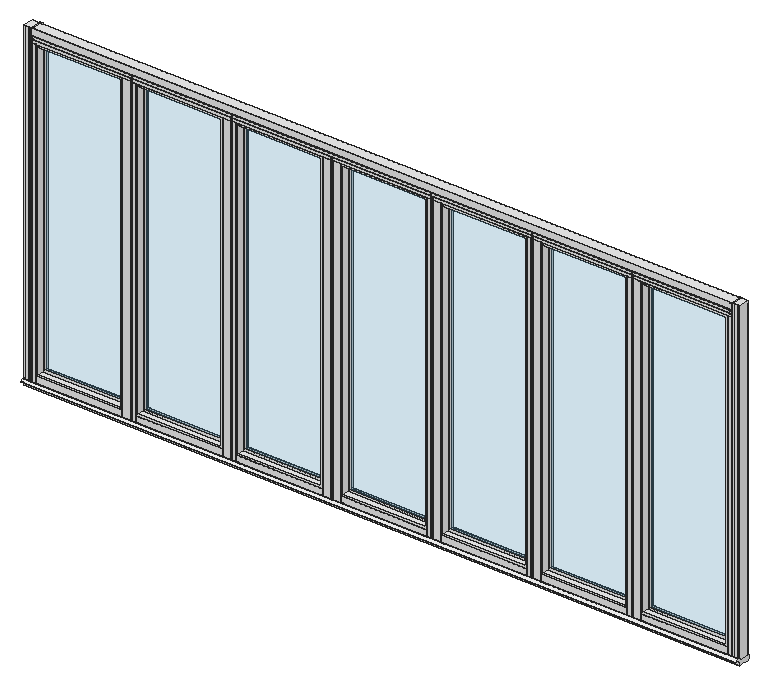
Revit family "Door-NanaWall-Reinforced-847_UPDATED_v2", category Doors, host Wall, Revit 2019 (continued)
Definition of nested family "Header"
  Automatic sketch dimensions
    Sweep 1 sketch curve to Sweep 1 sketch curve = 51.00 mm
    Sweep 1 sketch curve to Sweep 1 sketch curve = 3810.00 mm
    Extrusion 2 sketch curve to Extrusion 2 sketch curve = 27.12 mm
    Extrusion 2 sketch curve to Extrusion 2 sketch curve = 17.901 mm
    Extrusion 2 sketch curve to Extrusion 2 sketch curve = 42.248 mm
    Extrusion 2 sketch curve to Extrusion 2 sketch curve = 4.98 mm
    Extrusion 2 sketch curve to Extrusion 2 sketch curve = 5.005 mm
    Extrusion 2 sketch curve to Extrusion 2 sketch curve = 5.50 mm
    Extrusion 2 sketch curve to Extrusion 2 sketch curve = 0.50 mm
    Extrusion 2 sketch curve to Extrusion 2 sketch curve = 84.634 mm
    Extrusion 3 sketch curve to level = 0.00 mm
    Extrusion 3 sketch curve to Extrusion 3 sketch curve = 0.50 mm  (x5)
    Extrusion 3 sketch curve to level = 0.50 mm
    Extrusion 3 sketch curve to Extrusion 3 sketch curve = 13.50 mm
    Extrusion 3 sketch curve to Extrusion 3 sketch curve = 22.00 mm
    Extrusion 3 sketch curve to Extrusion 3 sketch curve = 48.50 mm
    Extrusion 3 sketch curve to Extrusion 3 sketch curve = 14.00 mm
    Extrusion 3 sketch curve to Extrusion 3 sketch curve = 20.50 mm
    Extrusion 3 sketch curve to plane 1 "Center (Front/Back)" = 47.60 mm
    Extrusion 3 sketch curve to Extrusion 3 sketch curve = 5.00 mm
    Extrusion 3 sketch curve to Extrusion 3 sketch curve = 0.00 mm
    plane 1 "Center (Front/Back)" to Extrusion 3 sketch curve = 23.50 mm
    Extrusion 3 sketch curve to Extrusion 3 sketch curve = 18.10 mm
    Extrusion 3 sketch curve to Extrusion 3 sketch curve = 19.50 mm
Definition of nested family "Sill"
  Parameters (values of type "Sill")
    Width = 5486.40 mm
    Thickness = 84.20 mm
    Sill = none
    Rough Width = 5375.40 mm
    Rough Height = 2387.402 mm
    Right Jamb = none
    Low Profile Sill With Universill = Constraint = 4  # no
    Low Profile Sill = or(Constraint = 2, Constraint = 4)  # yes
    Intermediate sill = Constraint = 1  # no
    Height = 2438.40 mm
    Flush Sill = Constraint = 3  # no
    Constraint = 2
    Assembly Code = ""
    Analytic Construction = "<None>"
  Reference planes
    plane 1 "Center (Front/Back)": y = 0
    plane 2: z = 0
    plane 3 "Center (Left/Right)": x = -185.473
    plane 4 "Left": x = -2928.673
    plane 5 "Right": x = 2557.727
    plane 6: x = -2928.673
    plane 7: x = 2557.727
  Forms (mm)
    Sweep 1, solid, material <- "Sill", visible <- "Intermediate sill"
      path origin (0, 0, 0) x (1, 0, 0) y (0, 1, 0)
        loop
          line (-2928.673, 5.731) -> (2557.727, 5.731)
      profile origin (-185.473, 5.731, 0) x (0, 1, 0) y (0, 0, 1)
        loop
          line (34.367, -5.006) -> (19.849, -5.006) -> (19.849, -1.502) -> (22.052, -1.502) -> (21.649, 0) -> (-49.333, 0) -> (-49.333, -23) -> (-47.931, -23) -> (-47.931, -35.042) -> (-44.029, -35.042) -> (-43.626, -33.54) -> (-45.929, -33.54) -> (-45.929, -30.036) -> (-31.412, -30.036) -> (-31.412, -33.54) -> (-33.614, -33.54) -> (-33.212, -35.042) -> (-27.307, -35.042) -> (-27.307, -30.036) -> (-21.8, -30.036) -> (-21.8, -35.042) -> (-20.742, -35.042) -> (-17.924, -33.415) -> (15.372, -33.415) -> (18.19, -35.042) -> (21.649, -35.042) -> (22.052, -33.54) -> (19.849, -33.54) -> (19.849, -30.036) -> (34.367, -30.036) -> (34.367, -33.54) -> (32.064, -33.54) -> (32.466, -35.042) -> (36.369, -35.042) -> (36.369, -2) -> (44.369, -2) -> (44.369, 12.286) -> (67.368, 1.415) -> (71.823, 1.002)
          arc (71.823, 1.002) -> (72.351, 1.368) -> (72.083, 1.952) r 0.5
          line (72.083, 1.952) -> (46.593, 14) -> (36.369, 14) -> (36.369, 0) -> (32.466, 0) -> (32.064, -1.502) -> (34.367, -1.502) -> (34.367, -5.006)
    Sweep 2, solid, material <- "Sill", visible <- "Low Profile Sill"
      path origin (0, 0, 0) x (1, 0, 0) y (0, 1, 0)
        loop
          line (-2928.673, 5.731) -> (2557.727, 5.731)
      profile origin (-185.473, 5.731, 0) x (0, 1, 0) y (0, 0, 1)
        loop
          line (32.569, -33) -> (30.269, -33) -> (30.671, -34.5) -> (36.467, -34.5) -> (36.869, -33) -> (34.569, -33) -> (34.569, -26.148) -> (49.169, -25.383) -> (49.169, -33) -> (46.869, -33) -> (47.271, -34.5) -> (59.169, -34.5) -> (59.169, -31.231) -> (57.669, -31.1) -> (57.669, -32.5) -> (51.169, -32.5) -> (51.169, -22.2) -> (57.669, -22.2) -> (57.669, -23.6) -> (59.169, -23.459) -> (59.169, -19.131) -> (57.669, -19) -> (57.669, -20.4) -> (51.169, -20.4) -> (51.169, -10.1) -> (57.669, -10.1) -> (57.669, -11.5) -> (59.169, -11.369) -> (59.169, -8.1) -> (52.169, -8.1) -> (52.169, 6) -> (58.116, 6) -> (58.116, 11.117) -> (82.45, 0) -> (86.169, 0)
          arc (86.169, 0) -> (86.658, 0.394) -> (86.377, 0.955) r 0.5
          line (86.377, 0.955) -> (61.104, 12.5) -> (-39.272, 12.5) -> (-51.667, 12.5) -> (-76.939, 0.955)
          arc (-76.939, 0.955) -> (-77.22, 0.394) -> (-76.731, 0) r 0.5
          line (-76.731, 0) -> (-73.013, 0) -> (-50.231, 10.407) -> (-50.231, -3.1) -> (-57.231, -3.1) -> (-57.231, -6.369) -> (-55.731, -6.5) -> (-55.731, -5.1) -> (-49.231, -5.1) -> (-49.231, -15.4) -> (-55.731, -15.4) -> (-55.731, -14) -> (-57.231, -14.131) -> (-57.231, -18.459) -> (-55.731, -18.6) -> (-55.731, -17.2) -> (-49.231, -17.2) -> (-49.231, -27.5) -> (-55.731, -27.5) -> (-55.731, -26.1) -> (-57.231, -26.231) -> (-57.231, -29.5) -> (-49.231, -29.5) -> (-49.231, -34.5) -> (-45.333, -34.5) -> (-44.931, -33) -> (-47.231, -33) -> (-47.231, -29.544) -> (-32.331, -28.764) -> (-32.331, -33) -> (-34.601, -33) -> (-34.199, -34.5) -> (-19.081, -34.5) -> (-19.081, -27.625) -> (-4.581, -27.625) -> (-4.581, -34.5) -> (12.669, -34.5) -> (12.669, -27.296) -> (15.969, -27.123) -> (15.969, -34.5) -> (19.867, -34.5) -> (20.269, -33) -> (17.969, -33) -> (17.969, -27.018) -> (32.569, -26.253) -> (32.569, -33)
    Sweep 3, solid, material <- "Sill", visible <- "Flush Sill"
      path origin (0, 0, 0) x (1, 0, 0) y (0, 1, 0)
        loop
          line (-2928.673, 5.731) -> (2557.727, 5.731)
      profile origin (-185.473, 5.731, 0) x (0, 1, 0) y (0, 0, 1)
        loop
          line (37.769, -21.012) -> (37.769, 0) -> (57.315, 0)
          arc (57.315, 0) -> (57.8, 0.485) -> (57.622, 1.146) r 0.685
          line (57.622, 1.146) -> (56.769, 2) -> (-44.785, 2) -> (-45.638, 1.146)
          arc (-45.638, 1.146) -> (-45.816, 0.485) -> (-45.331, 0) r 0.685
          line (-45.331, 0) -> (-30.831, 0) -> (-30.831, -33) -> (-26.93, -33) -> (-26.531, -31.512) -> (-28.831, -31.512) -> (-28.831, -28.012) -> (-14.331, -28.012) -> (-14.331, -31.512) -> (-16.531, -31.512) -> (-16.133, -33) -> (-12.652, -33) -> (-9.556, -31.212) -> (6.094, -31.212) -> (9.19, -33) -> (10.269, -33) -> (10.269, -28.012) -> (15.769, -28.012) -> (15.769, -33) -> (21.67, -33) -> (22.069, -31.512) -> (19.869, -31.512) -> (19.869, -28.012) -> (34.369, -28.012) -> (34.369, -31.512) -> (32.069, -31.512) -> (32.467, -33) -> (36.369, -33) -> (36.369, -21.012) -> (37.769, -21.012)
    Sweep 4, solid, material <- "Right Jamb", visible <- "Low Profile Sill With Universill"
      path origin (0, 0, 0) x (1, 0, 0) y (0, 1, 0)
        loop
          line (-2928.673, 5.731) -> (2557.727, 5.731)
      profile origin (-185.473, 5.731, 0) x (0, 1, 0) y (0, 0, 1)
        loop
          arc (59.681, 12.5) -> (60.147, 12.818) -> (60.019, 13.368) r 0.5
          line (60.019, 13.368) -> (44.383, 27.738) -> (36.369, 27.738) -> (36.369, 15) -> (32.683, 15) -> (32.683, 12.5) -> (59.681, 12.5)
  Lines and regions (mm)
    Masking region 1
      outline origin (0, 0, 0) x (1, 0, 0) y (0, 1, 0)
        loop
          line (-2928.673, -50.877) -> (2557.727, -50.877) -> (2557.727, 62.339) -> (-2928.673, 62.339) -> (-2928.673, -50.877)
    Masking region 2, visible <- "Intermediate sill"
      outline origin (-185.473, 0, 0) x (0, 1, 0) y (0, 0, 1)
        loop
          line (50.1, 12.286) -> (73.099, 1.415) -> (77.554, 1.002)
          arc (77.554, 1.002) -> (78.083, 1.368) -> (77.814, 1.952) r 0.5
          line (77.814, 1.952) -> (52.325, 14) -> (42.1, 14) -> (42.1, 0) -> (38.197, 0) -> (37.795, -1.502) -> (40.098, -1.502) -> (40.098, -5.006) -> (25.581, -5.006) -> (25.581, -1.502) -> (27.783, -1.502) -> (27.381, 0) -> (-43.602, 0) -> (-43.602, -23) -> (-42.2, -23) -> (-42.2, -35.042) -> (-38.297, -35.042) -> (-37.895, -33.54) -> (-40.198, -33.54) -> (-40.198, -30.036) -> (-25.68, -30.036) -> (-25.68, -33.54) -> (-27.883, -33.54) -> (-27.481, -35.042) -> (-21.576, -35.042) -> (-21.576, -30.036) -> (-16.069, -30.036) -> (-16.069, -35.042) -> (-15.01, -35.042) -> (-12.192, -33.415) -> (21.103, -33.415) -> (23.921, -35.042) -> (27.381, -35.042) -> (27.783, -33.54) -> (25.581, -33.54) -> (25.581, -30.036) -> (40.098, -30.036) -> (40.098, -33.54) -> (37.795, -33.54) -> (38.197, -35.042) -> (42.1, -35.042) -> (42.1, -2) -> (50.1, -2) -> (50.1, 12.286)
    Masking region 3, visible <- "Low Profile Sill", detail levels coarse
      outline origin (-2685.473, 174.855, 177.429) x (0, -1, 0) y (0, 0, 1)
        loop
          line (220.79, -164.929) -> (208.396, -164.929) -> (108.019, -164.929) -> (82.747, -176.474)
          arc (82.747, -176.474) -> (82.466, -177.035) -> (82.954, -177.429) r 0.5
          line (82.954, -177.429) -> (86.673, -177.429) -> (111.008, -166.312) -> (111.008, -171.429) -> (116.954, -171.429) -> (116.954, -185.529) -> (109.954, -185.529) -> (109.954, -188.797) -> (111.455, -188.929) -> (111.455, -187.529) -> (117.955, -187.529) -> (117.955, -197.829) -> (111.455, -197.829) -> (111.455, -196.429) -> (109.954, -196.56) -> (109.954, -200.887) -> (111.455, -201.029) -> (111.455, -199.629) -> (117.955, -199.629) -> (117.955, -209.929) -> (111.455, -209.929) -> (111.455, -208.529) -> (109.954, -208.66) -> (109.954, -211.929) -> (121.853, -211.929) -> (122.255, -210.429) -> (119.955, -210.429) -> (119.955, -202.812) -> (134.555, -203.577) -> (134.555, -210.429) -> (132.255, -210.429) -> (132.657, -211.929) -> (138.453, -211.929) -> (138.855, -210.429) -> (136.555, -210.429) -> (136.555, -203.682) -> (151.155, -204.447) -> (151.155, -210.429) -> (148.855, -210.429) -> (149.257, -211.929) -> (153.155, -211.929) -> (153.155, -204.552) -> (156.455, -204.725) -> (156.455, -211.929) -> (173.705, -211.929) -> (173.705, -205.054) -> (188.205, -205.054) -> (188.205, -211.929) -> (203.322, -211.929) -> (203.724, -210.429) -> (201.455, -210.429) -> (201.455, -206.192) -> (216.355, -206.973) -> (216.355, -210.429) -> (214.055, -210.429) -> (214.457, -211.929) -> (218.355, -211.929) -> (218.355, -206.929) -> (226.355, -206.929) -> (226.355, -203.66) -> (224.855, -203.529) -> (224.855, -204.929) -> (218.355, -204.929) -> (218.355, -194.629) -> (224.855, -194.629) -> (224.855, -196.029) -> (226.355, -195.888) -> (226.355, -191.56) -> (224.855, -191.429) -> (224.855, -192.829) -> (218.355, -192.829) -> (218.355, -182.529) -> (224.855, -182.529) -> (224.855, -183.929) -> (226.355, -183.798) -> (226.355, -180.529) -> (219.355, -180.529) -> (219.355, -167.022) -> (242.136, -177.429) -> (245.855, -177.429)
          arc (245.855, -177.429) -> (246.343, -177.035) -> (246.063, -176.474) r 0.5
          line (246.063, -176.474) -> (220.79, -164.929)
    Masking region 4, visible <- "Flush Sill"
      outline origin (-185.473, -8.547, -10.5) x (0, 1, 0) y (0, 0, 1)
        loop
          line (71.9, 11.646) -> (71.047, 12.5) -> (-30.507, 12.5) -> (-31.361, 11.646)
          arc (-31.361, 11.646) -> (-31.538, 10.985) -> (-31.053, 10.5) r 0.685
          line (-31.053, 10.5) -> (-16.553, 10.5) -> (-16.553, -22.5) -> (-12.652, -22.5) -> (-12.253, -21.012) -> (-14.553, -21.012) -> (-14.553, -17.512) -> (-0.053, -17.512) -> (-0.053, -21.012) -> (-2.253, -21.012) -> (-1.855, -22.5) -> (1.626, -22.5) -> (4.722, -20.712) -> (20.372, -20.712) -> (23.468, -22.5) -> (24.547, -22.5) -> (24.547, -17.512) -> (30.047, -17.512) -> (30.047, -22.5) -> (35.948, -22.5) -> (36.347, -21.012) -> (34.147, -21.012) -> (34.147, -17.512) -> (48.647, -17.512) -> (48.647, -21.012) -> (46.347, -21.012) -> (46.745, -22.5) -> (50.647, -22.5) -> (50.647, -10.512) -> (52.047, -10.512) -> (52.047, 10.5) -> (71.593, 10.5)
          arc (71.593, 10.5) -> (72.078, 10.985) -> (71.9, 11.646) r 0.685
    Masking region 5, visible <- "Low Profile Sill With Universill"
      outline origin (-185.473, 0, 0) x (0, 1, 0) y (0, 0, 1)
        loop
          line (50.115, 27.738) -> (42.1, 27.738) -> (42.1, 15) -> (38.415, 15) -> (38.415, 12.5) -> (65.412, 12.5)
          arc (65.412, 12.5) -> (65.878, 12.818) -> (65.751, 13.368) r 0.5
          line (65.751, 13.368) -> (50.115, 27.738)
  Dimensions and locks
    equal spacing: plane 4 "Left", plane 3 "Center (Left/Right)", plane 5 "Right"
    "Width": plane 4 "Left" to plane 5 "Right"
    aligned and locked: plane 5 "Right" to plane 7
    aligned and locked: plane 6 to plane 4 "Left"
    aligned and locked: Masking region 1 sketch curve to plane 6
    aligned and locked: plane 7 to Masking region 1 sketch curve
    aligned and locked: plane 6 to Sweep 1 sketch curve
    aligned and locked: plane 7 to Sweep 1 sketch curve
  Automatic sketch dimensions
    plane 1 "Center (Front/Back)" to Masking region 1 sketch curve = 50.877 mm
    Masking region 1 sketch curve to plane 1 "Center (Front/Back)" = 62.339 mm
    Sweep 1 sketch curve to plane 1 "Center (Front/Back)" = 5.731 mm
    Sweep 2 sketch curve to plane 4 "Left" = 0.00 mm
    Sweep 2 sketch curve to plane 5 "Right" = 0.00 mm
    Sweep 2 sketch curve to plane 1 "Center (Front/Back)" = 5.731 mm
    Masking region 3 sketch curve to level = 0.00 mm  (x2)
    level to Masking region 3 sketch curve = 0.50 mm  (x2)
    Masking region 3 sketch curve to level = 8.10 mm
    Masking region 3 sketch curve to Masking region 3 sketch curve = 27.00 mm
    level to Masking region 3 sketch curve = 11.117 mm
    Masking region 3 sketch curve to Masking region 3 sketch curve = 1.053 mm
    Masking region 3 sketch curve to Masking region 3 sketch curve = 5.947 mm
    plane 1 "Center (Front/Back)" to Masking region 3 sketch curve = 43.50 mm
    Masking region 3 sketch curve to level = 3.10 mm
    Masking region 3 sketch curve to Masking region 3 sketch curve = 15.781 mm
    Masking region 3 sketch curve to Masking region 3 sketch curve = 3.719 mm  (x2)
    Masking region 3 sketch curve to Masking region 3 sketch curve = 5.00 mm
    level to Masking region 3 sketch curve = 6.00 mm
    Masking region 3 sketch curve to Masking region 3 sketch curve = 0.208 mm  (x2)
    Masking region 3 sketch curve to Masking region 3 sketch curve = 25.273 mm
    Masking region 3 sketch curve to Masking region 3 sketch curve = 10.959 mm
    Masking region 3 sketch curve to Masking region 3 sketch curve = 1.435 mm
    Masking region 3 sketch curve to Masking region 3 sketch curve = 5.565 mm
    Masking region 3 sketch curve to Masking region 3 sketch curve = 2.093 mm
    Masking region 3 sketch curve to Masking region 3 sketch curve = 91.441 mm
    Masking region 3 sketch curve to Masking region 3 sketch curve = 6.50 mm  (x3)
    Sweep 3 sketch curve to plane 4 "Left" = 0.00 mm
    Sweep 3 sketch curve to plane 5 "Right" = 0.00 mm
    Sweep 3 sketch curve to plane 1 "Center (Front/Back)" = 5.731 mm
    Sweep 4 sketch curve to plane 4 "Left" = 0.00 mm
    Sweep 4 sketch curve to plane 5 "Right" = 0.00 mm
    Sweep 4 sketch curve to plane 1 "Center (Front/Back)" = 5.731 mm
    profile plane to Sweep 4 sketch curve = 13.00 mm
    Sweep 4 sketch curve to profile plane = 59.681 mm
    Sweep 4 sketch curve to Sweep 4 sketch curve = 0.338 mm
    profile plane to Sweep 4 sketch curve = 27.738 mm
    Sweep 4 sketch curve to Sweep 4 sketch curve = 15.636 mm
    Sweep 4 sketch curve to Sweep 4 sketch curve = 8.014 mm
    Sweep 4 sketch curve to Sweep 4 sketch curve = 3.686 mm
    profile plane to Sweep 4 sketch curve = 12.50 mm
    Sweep 4 sketch curve to Sweep 4 sketch curve = 2.50 mm
    level to Masking region 5 sketch curve = 13.368 mm
    Masking region 5 sketch curve to Masking region 5 sketch curve = 0.338 mm
    Masking region 5 sketch curve to Masking region 5 sketch curve = 0.368 mm
    Masking region 5 sketch curve to Masking region 5 sketch curve = 2.50 mm
    Masking region 5 sketch curve to plane 1 "Center (Front/Back)" = 38.415 mm
    Masking region 5 sketch curve to Masking region 5 sketch curve = 3.686 mm
    Masking region 5 sketch curve to Masking region 5 sketch curve = 8.014 mm
    Masking region 5 sketch curve to Masking region 5 sketch curve = 15.298 mm
    Masking region 5 sketch curve to Masking region 5 sketch curve = 12.738 mm
    Masking region 3 sketch curve to Masking region 3 sketch curve = 1.50 mm  (x13)
    Masking region 3 sketch curve to Masking region 3 sketch curve = 1.40 mm  (x8)
    Masking region 3 sketch curve to level = 11.50 mm
    Masking region 3 sketch curve to level = 11.369 mm
    Masking region 3 sketch curve to Masking region 3 sketch curve = 1.00 mm  (x2)
    Masking region 3 sketch curve to Masking region 3 sketch curve = 10.30 mm  (x3)
    Masking region 3 sketch curve to Masking region 3 sketch curve = 0.00 mm  (x8)
    Masking region 3 sketch curve to Masking region 3 sketch curve = 2.00 mm  (x4)
    Masking region 3 sketch curve to Masking region 3 sketch curve = 7.117 mm
    Masking region 3 sketch curve to Masking region 3 sketch curve = 14.60 mm  (x2)
    Masking region 3 sketch curve to Masking region 3 sketch curve = 0.50 mm
    Masking region 3 sketch curve to Masking region 3 sketch curve = 0.765 mm  (x2)
    Masking region 3 sketch curve to Masking region 3 sketch curve = 6.852 mm
    Masking region 3 sketch curve to Masking region 3 sketch curve = 2.30 mm  (x5)
    Masking region 3 sketch curve to Masking region 3 sketch curve = 0.402 mm  (x6)
    Masking region 3 sketch curve to Masking region 3 sketch curve = 0.105 mm  (x2)
    Masking region 3 sketch curve to Masking region 3 sketch curve = 5.982 mm
    Masking region 3 sketch curve to Masking region 3 sketch curve = 3.30 mm
    Masking region 3 sketch curve to Masking region 3 sketch curve = 7.204 mm
    Masking region 3 sketch curve to Masking region 3 sketch curve = 0.173 mm
    Masking region 3 sketch curve to plane 1 "Center (Front/Back)" = 1.15 mm
    Masking region 3 sketch curve to Masking region 3 sketch curve = 2.269 mm
    Masking region 3 sketch curve to Masking region 3 sketch curve = 6.875 mm
    Masking region 3 sketch curve to Masking region 3 sketch curve = 4.236 mm
    Masking region 3 sketch curve to Masking region 3 sketch curve = 0.044 mm
    Masking region 3 sketch curve to Masking region 3 sketch curve = 3.269 mm  (x2)
    Masking region 3 sketch curve to Masking region 3 sketch curve = 0.131 mm  (x3)
    Masking region 3 sketch curve to Masking region 3 sketch curve = 0.141 mm
    Masking region 3 sketch curve to level = 6.50 mm
    Masking region 3 sketch curve to Masking region 3 sketch curve = 1.80 mm
    Masking region 3 sketch curve to Masking region 3 sketch curve = 10.733 mm
    plane 1 "Center (Front/Back)" to Masking region 3 sketch curve = 13.35 mm
    Masking region 3 sketch curve to Masking region 3 sketch curve = 7.773 mm
    Masking region 3 sketch curve to Masking region 3 sketch curve = 7.763 mm
    Masking region 3 sketch curve to Masking region 3 sketch curve = 7.762 mm
    Sweep 2 sketch curve to profile plane = 0.00 mm  (x2)
    profile plane to Sweep 2 sketch curve = 0.955 mm  (x2)
    profile plane to Sweep 2 sketch curve = 76.939 mm
    Sweep 2 sketch curve to Sweep 2 sketch curve = 0.208 mm
    Sweep 2 sketch curve to Sweep 2 sketch curve = 3.719 mm  (x2)
    Sweep 2 sketch curve to Sweep 2 sketch curve = 15.781 mm
    Sweep 2 sketch curve to Sweep 2 sketch curve = 0.00 mm  (x7)
    Sweep 2 sketch curve to profile plane = 3.10 mm
    Sweep 2 sketch curve to Sweep 2 sketch curve = 1.50 mm  (x10)
    Sweep 2 sketch curve to profile plane = 18.60 mm
    profile plane to Sweep 2 sketch curve = 12.50 mm
    Sweep 2 sketch curve to Sweep 2 sketch curve = 5.565 mm
    Sweep 2 sketch curve to Sweep 2 sketch curve = 1.435 mm
    Sweep 2 sketch curve to Sweep 2 sketch curve = 6.50 mm  (x3)
    Sweep 2 sketch curve to Sweep 2 sketch curve = 2.00 mm  (x8)
    Sweep 2 sketch curve to Sweep 2 sketch curve = 1.898 mm  (x3)
    Sweep 2 sketch curve to Sweep 2 sketch curve = 0.402 mm  (x6)
    Sweep 2 sketch curve to Sweep 2 sketch curve = 10.959 mm
    Sweep 2 sketch curve to Sweep 2 sketch curve = 10.331 mm
    Sweep 2 sketch curve to Sweep 2 sketch curve = 2.269 mm
    Sweep 2 sketch curve to Sweep 2 sketch curve = 13.25 mm
    profile plane to Sweep 2 sketch curve = 4.581 mm
    Sweep 2 sketch curve to profile plane = 12.669 mm
    Sweep 2 sketch curve to Sweep 2 sketch curve = 3.30 mm
    Sweep 2 sketch curve to Sweep 2 sketch curve = 10.00 mm  (x2)
    Sweep 2 sketch curve to Sweep 2 sketch curve = 2.30 mm  (x2)
    Sweep 2 sketch curve to Sweep 2 sketch curve = 1.00 mm
    Sweep 2 sketch curve to Sweep 2 sketch curve = 5.50 mm
    Sweep 2 sketch curve to profile plane = 19.00 mm
    Sweep 2 sketch curve to profile plane = 23.60 mm
    Sweep 2 sketch curve to Sweep 2 sketch curve = 5.947 mm
    Sweep 2 sketch curve to profile plane = 23.459 mm
    Sweep 2 sketch curve to Sweep 2 sketch curve = 2.988 mm
    Sweep 2 sketch curve to Sweep 2 sketch curve = 23.281 mm
    profile plane to Sweep 2 sketch curve = 0.50 mm
    Sweep 2 sketch curve to Sweep 2 sketch curve = 1.783 mm
    Sweep 2 sketch curve to Sweep 2 sketch curve = 7.50 mm  (x3)
    Sweep 2 sketch curve to Sweep 2 sketch curve = 0.765 mm  (x2)
    Sweep 2 sketch curve to Sweep 2 sketch curve = 0.131 mm  (x5)
    Sweep 2 sketch curve to Sweep 2 sketch curve = 0.105 mm  (x2)
    Sweep 2 sketch curve to Sweep 2 sketch curve = 0.173 mm
    Sweep 2 sketch curve to Sweep 2 sketch curve = 1.40 mm  (x5)
    Sweep 2 sketch curve to profile plane = 27.625 mm
    Sweep 2 sketch curve to Sweep 2 sketch curve = 1.139 mm
    Sweep 2 sketch curve to Sweep 2 sketch curve = 0.044 mm
    Sweep 2 sketch curve to Sweep 2 sketch curve = 6.747 mm
    Sweep 2 sketch curve to Sweep 2 sketch curve = 0.50 mm
    Sweep 2 sketch curve to Sweep 2 sketch curve = 5.982 mm
    Sweep 2 sketch curve to Sweep 2 sketch curve = 3.456 mm
    Sweep 2 sketch curve to Sweep 2 sketch curve = 4.236 mm
    Sweep 2 sketch curve to Sweep 2 sketch curve = 6.875 mm  (x2)
    Sweep 2 sketch curve to Sweep 2 sketch curve = 3.183 mm
    Sweep 2 sketch curve to Sweep 2 sketch curve = 1.80 mm  (x2)
    Sweep 2 sketch curve to Sweep 2 sketch curve = 0.141 mm
    Sweep 2 sketch curve to Sweep 2 sketch curve = 1.269 mm
    Sweep 2 sketch curve to Sweep 2 sketch curve = 3.40 mm
    profile plane to Sweep 2 sketch curve = 6.00 mm
    Sweep 2 sketch curve to Sweep 2 sketch curve = 2.093 mm
    Sweep 2 sketch curve to Sweep 2 sketch curve = 1.383 mm
    Masking region 4 sketch curve to level = 0.00 mm  (x2)
    level to Masking region 4 sketch curve = 1.146 mm  (x2)
    plane 1 "Center (Front/Back)" to Masking region 4 sketch curve = 39.907 mm
    Masking region 4 sketch curve to Masking region 4 sketch curve = 0.307 mm
    level to Masking region 4 sketch curve = 0.662 mm
    level to Masking region 4 sketch curve = 2.00 mm
    Masking region 4 sketch curve to Masking region 4 sketch curve = 0.854 mm
    Masking region 4 sketch curve to Masking region 4 sketch curve = 19.00 mm
    Masking region 4 sketch curve to Masking region 4 sketch curve = 0.369 mm
    Masking region 4 sketch curve to Masking region 4 sketch curve = 0.177 mm
    Masking region 4 sketch curve to Masking region 4 sketch curve = 0.485 mm
    Masking region 4 sketch curve to level = 33.00 mm
    Masking region 4 sketch curve to Masking region 4 sketch curve = 1.40 mm
    Masking region 4 sketch curve to Masking region 4 sketch curve = 11.988 mm
    Masking region 4 sketch curve to Masking region 4 sketch curve = 4.30 mm
    Masking region 4 sketch curve to Masking region 4 sketch curve = 1.488 mm  (x5)
    Masking region 4 sketch curve to Masking region 4 sketch curve = 1.901 mm
    Masking region 4 sketch curve to Masking region 4 sketch curve = 3.50 mm  (x2)
    Masking region 4 sketch curve to Masking region 4 sketch curve = 2.20 mm  (x2)
    Masking region 4 sketch curve to Masking region 4 sketch curve = 0.399 mm  (x4)
    Masking region 4 sketch curve to Masking region 4 sketch curve = 4.10 mm
    Masking region 4 sketch curve to Masking region 4 sketch curve = 0.00 mm  (x3)
    Masking region 4 sketch curve to Masking region 4 sketch curve = 1.679 mm
    Masking region 4 sketch curve to Masking region 4 sketch curve = 3.096 mm  (x2)
    plane 1 "Center (Front/Back)" to Masking region 4 sketch curve = 3.825 mm
    Masking region 4 sketch curve to Masking region 4 sketch curve = 4.175 mm
    Masking region 4 sketch curve to Masking region 4 sketch curve = 1.788 mm  (x2)
    Masking region 4 sketch curve to Masking region 4 sketch curve = 2.00 mm
    Masking region 4 sketch curve to Masking region 4 sketch curve = 2.30 mm
    Masking region 4 sketch curve to Masking region 4 sketch curve = 10.399 mm  (x2)
    Masking region 4 sketch curve to Masking region 4 sketch curve = 5.50 mm
    Masking region 4 sketch curve to plane 1 "Center (Front/Back)" = 14.921 mm
    Sweep 3 sketch curve to profile plane = 0.00 mm  (x2)
    profile plane to Sweep 3 sketch curve = 1.146 mm  (x2)
    profile plane to Sweep 3 sketch curve = 45.638 mm
    Sweep 3 sketch curve to Sweep 3 sketch curve = 0.307 mm
    profile plane to Sweep 3 sketch curve = 0.662 mm  (x2)
    profile plane to Sweep 3 sketch curve = 2.00 mm
    Sweep 3 sketch curve to Sweep 3 sketch curve = 0.854 mm
    profile plane to Sweep 3 sketch curve = 30.831 mm
    Sweep 3 sketch curve to Sweep 3 sketch curve = 2.00 mm  (x2)
    Sweep 3 sketch curve to Sweep 3 sketch curve = 1.901 mm
    Sweep 3 sketch curve to Sweep 3 sketch curve = 0.399 mm  (x4)
    Sweep 3 sketch curve to Sweep 3 sketch curve = 10.00 mm  (x2)
    Sweep 3 sketch curve to Sweep 3 sketch curve = 2.20 mm
    Sweep 3 sketch curve to Sweep 3 sketch curve = 1.679 mm
    Sweep 3 sketch curve to Sweep 3 sketch curve = 3.096 mm  (x2)
    Sweep 3 sketch curve to profile plane = 6.094 mm
    Sweep 3 sketch curve to Sweep 3 sketch curve = 1.079 mm
    Sweep 3 sketch curve to Sweep 3 sketch curve = 5.50 mm
    Sweep 3 sketch curve to Sweep 3 sketch curve = 4.10 mm
    Sweep 3 sketch curve to Sweep 3 sketch curve = 1.801 mm
    Sweep 3 sketch curve to Sweep 3 sketch curve = 2.30 mm
    Sweep 3 sketch curve to Sweep 3 sketch curve = 1.40 mm
    Sweep 3 sketch curve to Sweep 3 sketch curve = 19.00 mm
    Sweep 3 sketch curve to Sweep 3 sketch curve = 0.369 mm
    Sweep 3 sketch curve to Sweep 3 sketch curve = 0.177 mm
    Sweep 3 sketch curve to profile plane = 21.012 mm
    Sweep 3 sketch curve to Sweep 3 sketch curve = 7.00 mm
    Sweep 3 sketch curve to Sweep 3 sketch curve = 0.00 mm
    Sweep 3 sketch curve to profile plane = 28.012 mm
    Sweep 3 sketch curve to Sweep 3 sketch curve = 3.20 mm
    Sweep 3 sketch curve to Sweep 3 sketch curve = 3.50 mm  (x4)
    Sweep 3 sketch curve to Sweep 3 sketch curve = 1.488 mm  (x4)
    Sweep 3 sketch curve to Sweep 3 sketch curve = 1.788 mm
    Masking region 2 sketch curve to level = 0.00 mm  (x2)
    plane 1 "Center (Front/Back)" to Masking region 2 sketch curve = 43.602 mm
    Masking region 2 sketch curve to Masking region 2 sketch curve = 1.402 mm
    Masking region 2 sketch curve to Masking region 2 sketch curve = 2.002 mm  (x3)
    Masking region 2 sketch curve to Masking region 2 sketch curve = 1.90 mm
    Masking region 2 sketch curve to Masking region 2 sketch curve = 0.402 mm  (x6)
    Masking region 2 sketch curve to Masking region 2 sketch curve = 10.012 mm  (x2)
    Masking region 2 sketch curve to Masking region 2 sketch curve = 2.203 mm  (x2)
    Masking region 2 sketch curve to Masking region 2 sketch curve = 4.105 mm
    Masking region 2 sketch curve to Masking region 2 sketch curve = 5.507 mm
    Masking region 2 sketch curve to Masking region 2 sketch curve = 1.059 mm
    Masking region 2 sketch curve to Masking region 2 sketch curve = 2.818 mm  (x2)
    Masking region 2 sketch curve to plane 1 "Center (Front/Back)" = 21.103 mm
    Masking region 2 sketch curve to level = 1.502 mm  (x2)
    Masking region 2 sketch curve to plane 1 "Center (Front/Back)" = 25.581 mm
    Masking region 2 sketch curve to Masking region 2 sketch curve = 1.659 mm
    Masking region 2 sketch curve to Masking region 2 sketch curve = 1.80 mm
    Masking region 2 sketch curve to Masking region 2 sketch curve = 10.414 mm
    Masking region 2 sketch curve to Masking region 2 sketch curve = 2.303 mm  (x2)
    Masking region 2 sketch curve to level = 2.00 mm
    Masking region 2 sketch curve to Masking region 2 sketch curve = 8.00 mm
    level to Masking region 2 sketch curve = 14.00 mm
    Masking region 2 sketch curve to Masking region 2 sketch curve = 2.224 mm
    level to Masking region 2 sketch curve = 1.415 mm
    Masking region 2 sketch curve to Masking region 2 sketch curve = 22.999 mm
    level to Masking region 2 sketch curve = 1.002 mm
    Masking region 2 sketch curve to Masking region 2 sketch curve = 4.455 mm
    Masking region 2 sketch curve to Masking region 2 sketch curve = 0.046 mm
    level to Masking region 2 sketch curve = 1.952 mm
    Masking region 2 sketch curve to Masking region 2 sketch curve = 0.214 mm
    Masking region 2 sketch curve to Masking region 2 sketch curve = 3.504 mm  (x5)
    Masking region 2 sketch curve to level = 23.00 mm
    Masking region 2 sketch curve to Masking region 2 sketch curve = 7.036 mm
    Masking region 2 sketch curve to Masking region 2 sketch curve = 0.00 mm
    Masking region 2 sketch curve to Masking region 2 sketch curve = 25.03 mm
    Masking region 2 sketch curve to Masking region 2 sketch curve = 3.379 mm
    Masking region 2 sketch curve to Masking region 2 sketch curve = 1.627 mm
    Masking region 2 sketch curve to Masking region 2 sketch curve = 1.502 mm  (x4)
    Masking region 2 sketch curve to Masking region 2 sketch curve = 1.714 mm
    Sweep 1 sketch curve to level = 0.00 mm  (x2)
    profile plane to Sweep 1 sketch curve = 49.333 mm
    Sweep 1 sketch curve to Sweep 1 sketch curve = 1.402 mm
    Sweep 1 sketch curve to Sweep 1 sketch curve = 2.002 mm  (x2)
    Sweep 1 sketch curve to Sweep 1 sketch curve = 1.90 mm
    Sweep 1 sketch curve to Sweep 1 sketch curve = 0.402 mm  (x6)
    Sweep 1 sketch curve to Sweep 1 sketch curve = 10.012 mm  (x3)
    Sweep 1 sketch curve to Sweep 1 sketch curve = 2.203 mm
    Sweep 1 sketch curve to Sweep 1 sketch curve = 4.105 mm
    Sweep 1 sketch curve to Sweep 1 sketch curve = 5.507 mm
    Sweep 1 sketch curve to Sweep 1 sketch curve = 1.059 mm
    Sweep 1 sketch curve to Sweep 1 sketch curve = 2.818 mm  (x2)
    Sweep 1 sketch curve to profile plane = 15.372 mm
    Sweep 1 sketch curve to Sweep 1 sketch curve = 1.659 mm
    Sweep 1 sketch curve to level = 1.502 mm  (x2)
    Sweep 1 sketch curve to profile plane = 19.849 mm
    Sweep 1 sketch curve to Sweep 1 sketch curve = 1.80 mm  (x2)
    Sweep 1 sketch curve to Sweep 1 sketch curve = 2.303 mm  (x2)
    Sweep 1 sketch curve to Sweep 1 sketch curve = 0.00 mm  (x2)
    Sweep 1 sketch curve to level = 2.00 mm
    Sweep 1 sketch curve to Sweep 1 sketch curve = 8.00 mm
    Sweep 1 sketch curve to Sweep 1 sketch curve = 2.224 mm
    level to Sweep 1 sketch curve = 1.415 mm
    Sweep 1 sketch curve to Sweep 1 sketch curve = 22.999 mm
    level to Sweep 1 sketch curve = 1.002 mm
    Sweep 1 sketch curve to Sweep 1 sketch curve = 4.455 mm
    Sweep 1 sketch curve to Sweep 1 sketch curve = 0.046 mm
    level to Sweep 1 sketch curve = 1.952 mm
    Sweep 1 sketch curve to Sweep 1 sketch curve = 0.214 mm
    Sweep 1 sketch curve to Sweep 1 sketch curve = 3.504 mm  (x5)
    Sweep 1 sketch curve to level = 23.00 mm
    Sweep 1 sketch curve to Sweep 1 sketch curve = 25.03 mm
    Sweep 1 sketch curve to Sweep 1 sketch curve = 7.036 mm
    Sweep 1 sketch curve to Sweep 1 sketch curve = 3.379 mm
    Sweep 1 sketch curve to Sweep 1 sketch curve = 1.502 mm  (x4)
    Sweep 1 sketch curve to Sweep 1 sketch curve = 1.627 mm
    level to Sweep 1 sketch curve = 12.286 mm
    Sweep 1 sketch curve to Sweep 1 sketch curve = 1.714 mm
Definition of nested family "DetailItem_Door_Elevation"
  Parameters (values of type "DetailItem_Door_Elevation")
    Panel Width = 1064.833 mm
    Panel Heigth = 2844.60 mm
    Assembly Code = ""
  Reference planes
    plane 1 "Center (Front/Back)": y = -59.888
    plane 2: z = 0
    plane 3 "Center (Left/Right)": x = 1.15
    plane 4: x = 1065.983
    plane 5: y = 2784.712
    plane 6: y = 1362.412
    plane 7: x = 533.567
  Lines and regions (mm)
    detail lines, in view "Ref. Level"
      curve 1: line (1065.983, 2784.712, 0) -> (1.15, 1362.412, 0)
      curve 2: line (1.15, 1362.412, 0) -> (1065.983, -59.888, 0)
  Dimensions and locks
    "Panel Width": plane 3 "Center (Left/Right)" to plane 4
    "Panel Heigth": plane 5 to plane 1 "Center (Front/Back)"
    equal spacing: plane 5, plane 6, plane 1 "Center (Front/Back)"
    equal spacing: plane 3 "Center (Left/Right)", plane 7, plane 4
    aligned and locked: plane 6 to nested 1
    aligned and locked: nested 1 to plane 7
  Automatic sketch dimensions
    curve 2 to plane 3 "Center (Left/Right)" = 0.00 mm
    curve 1 to plane 4 = 0.00 mm
    curve 2 to plane 6 = 0.00 mm
    curve 1 to plane 5 = 0.00 mm
    plane 1 "Center (Front/Back)" to curve 2 = 0.00 mm
    curve 2 to plane 4 = 0.00 mm
  Nested families
    nested 1: "DetailItem_arrow" at (2.3, 1320.7, 0) x (-1, 0, 0) z (0, 0, 1), type "DetailItem_arrow", in view "Ref. Level"
  Definition of nested family "DetailItem_arrow"
    Parameters (values of type "DetailItem_arrow")
      Separation constraint = 532.417 mm
      Assembly Code = ""
    Reference planes
      plane 1 "Center (Front/Back)": y = -59.888
      plane 2: z = 0
      plane 3 "Center (Left/Right)": x = 1.15
      plane 4: x = -461.417
      plane 5: x = -588.417
      plane 6: x = -496.342
      plane 7: y = 41.712
      plane 8: y = 8.716
      plane 9: x = -531.267
    Lines and regions (mm)
      detail lines, in view "Ref. Level"
        curve 1: line (-588.417, 41.712, 0) -> (-461.417, 41.712, 0)
        curve 2: line (-461.417, 41.712, 0) -> (-496.342, 8.716, 0)
    Dimensions and locks
      locked: plane 8 to plane 7 at 32.996
      locked: plane 1 "Center (Front/Back)" to plane 7 at 101.6
      plane 4 to plane 6 to plane 9 to plane 5 = 34.925 mm locked, 34.925 mm locked, 57.15 mm locked
      "Separation constraint": plane 9 to plane 3 "Center (Left/Right)"
    Automatic sketch dimensions
      curve 1 to plane 5 = 0.00 mm
      curve 2 to plane 6 = 0.00 mm
      curve 2 to plane 4 = 0.00 mm
      plane 8 to curve 2 = 0.00 mm
      plane 7 to curve 2 = 0.00 mm
Definition of nested family "DetailItem_Panel"
  Parameters
    Panel Thickness = 44.45 mm
    Panel Width = 749.995 mm
    Assembly Code = ""
  Reference planes
    plane 1 "Center (Front/Back)": y = -42.168
    plane 2: z = 0
    plane 3 "Center (Left/Right)": x = 1.15
    plane 4 "Right": x = 23.375
    plane 5: x = -21.075
    plane 6 "Back": y = 332.829
    plane 7: y = -417.165
  Lines and regions (mm)
    detail lines, in view "Ref. Level"
      curve 1: line (-21.075, 332.829, 0) -> (-21.075, -417.165, 0)
      curve 2: line (-21.075, 332.829, 0) -> (23.375, 332.829, 0)
      curve 3: line (23.375, 332.829, 0) -> (23.375, -417.165, 0)
      curve 4: line (-21.075, -417.165, 0) -> (23.375, -417.165, 0)
  Dimensions and locks
    equal spacing: plane 5, plane 3 "Center (Left/Right)", plane 4 "Right"
    "Panel Thickness": plane 5 to plane 4 "Right"
    equal spacing: plane 6 "Back", plane 1 "Center (Front/Back)", plane 7
    "Panel Width": plane 6 "Back" to plane 7
    aligned and locked: curve 1 to plane 5
    aligned and locked: curve 2 to plane 6 "Back"
    aligned and locked: curve 3 to plane 4 "Right"
    aligned and locked: curve 4 to plane 7
Definition of nested family "DetailItem_Door_Plan"
  Parameters (values of type "DetailItem_Door_Plan")
    Panel Width = 711.121 mm
    C_Arrow = Panel Width / 2  # 355.56 mm
    Assembly Code = ""
  Reference planes
    plane 1 "Center (Front/Back)": y = -59.888
    plane 2: z = 0
    plane 3 "Center (Left/Right)": x = 1.15
    plane 4: x = 712.271
    plane 5: y = 651.233
  Lines and regions (mm)
    detail lines, in view "Ref. Level"
      curve 1: line (1.15, -59.888, 0) -> (1.15, 651.233, 0)
      curve 2: arc (1.15, 651.233, 0) -> (503.988, 442.95, 0) -> (712.271, -59.888, 0) r 711.121
  Dimensions and locks
    "Panel Width": plane 3 "Center (Left/Right)" to plane 4
    "Panel Width": plane 5 to plane 1 "Center (Front/Back)"
    aligned and locked: plane 1 "Center (Front/Back)" to curve 2
    aligned and locked: plane 4 to curve 2
    aligned and locked: plane 5 to curve 2
    aligned and locked: plane 1 "Center (Front/Back)" to curve 1
    aligned and locked: plane 3 "Center (Left/Right)" to curve 1
    aligned and locked: nested 1 to plane 3 "Center (Left/Right)"
  Nested families
    nested 1: "DetailItem_arrow" at (2.3, -200.739, 0) x (-1, 0, 0) z (0, 0, 1), type "DetailItem_arrow", in view "Ref. Level"
  Definition of nested family "DetailItem_arrow"
    Parameters (values of type "DetailItem_arrow")
      Separation constraint = 355.56 mm
      Assembly Code = ""
    Reference planes
      plane 1 "Center (Front/Back)": y = -59.888
      plane 2: z = 0
      plane 3 "Center (Left/Right)": x = 1.15
      plane 4: x = -284.56
      plane 5: x = -411.56
      plane 6: x = -319.485
      plane 7: y = 41.712
      plane 8: y = 8.716
      plane 9: x = -354.41
    Lines and regions (mm)
      detail lines, in view "Ref. Level"
        curve 1: line (-411.56, 41.712, 0) -> (-284.56, 41.712, 0)
        curve 2: line (-284.56, 41.712, 0) -> (-319.485, 8.716, 0)
    Dimensions and locks
      locked: plane 8 to plane 7 at 32.996
      locked: plane 1 "Center (Front/Back)" to plane 7 at 101.6
      plane 4 to plane 6 to plane 9 to plane 5 = 34.925 mm locked, 34.925 mm locked, 57.15 mm locked
      "Separation constraint": plane 9 to plane 3 "Center (Left/Right)"
    Automatic sketch dimensions
      curve 1 to plane 5 = 0.00 mm
      curve 2 to plane 6 = 0.00 mm
      curve 2 to plane 4 = 0.00 mm
      plane 8 to curve 2 = 0.00 mm
      plane 7 to curve 2 = 0.00 mm
Definition of nested family "DetailItem_arrow"
  Parameters (values of type "DetailItem_arrow")
    Separation constraint = 354.542 mm
    Assembly Code = ""
  Reference planes
    plane 1 "Center (Front/Back)": y = -59.888
    plane 2: z = 0
    plane 3 "Center (Left/Right)": x = 1.15
    plane 4: x = -283.542
    plane 5: x = -410.542
    plane 6: x = -318.467
    plane 7: y = 41.712
    plane 8: y = 8.716
    plane 9: x = -353.392
  Lines and regions (mm)
    detail lines, in view "Ref. Level"
      curve 1: line (-410.542, 41.712, 0) -> (-283.542, 41.712, 0)
      curve 2: line (-283.542, 41.712, 0) -> (-318.467, 8.716, 0)
  Dimensions and locks
    locked: plane 8 to plane 7 at 32.996
    locked: plane 1 "Center (Front/Back)" to plane 7 at 101.6
    plane 4 to plane 6 to plane 9 to plane 5 = 34.925 mm locked, 34.925 mm locked, 57.15 mm locked
    "Separation constraint": plane 9 to plane 3 "Center (Left/Right)"
  Automatic sketch dimensions
    curve 1 to plane 5 = 0.00 mm
    curve 2 to plane 6 = 0.00 mm
    curve 2 to plane 4 = 0.00 mm
    plane 8 to curve 2 = 0.00 mm
    plane 7 to curve 2 = 0.00 mm
Definition of nested family "840_CLosed_hinge"
  Reference planes
    plane 1 "Center (Front/Back)": y = 0
    plane 2: z = 0
    plane 3 "Center (Left/Right)": x = 0
  Lines and regions (mm)
    detail lines, in view "Ref. Level"
      curve 1: arc (10, 10.504, 0) -> (-5.292, 18.99, 0) -> (-4.4, 1.524, 0) r 10
      curve 2: circle (0, 10.504, 0) r 6.1 normal (0, 0, 1)
      curve 3: line (10, 0, 0) -> (10, 10.504, 0)
      curve 4: arc (-3.106, 0, 0) -> (-3.594, 0.897, 0) -> (-4.4, 1.524, 0) r 2.5
      curve 5: line (-3.106, 0, 0) -> (10, 0, 0)
Definition of nested family "840_Open_hinge"
  Reference planes
    plane 1 "Center (Front/Back)": y = 0
    plane 2: z = 0
    plane 3 "Center (Left/Right)": x = 0
  Lines and regions (mm)
    detail lines, in view "Ref. Level"
      curve 1: circle (0, 0, 0) r 10 normal (0, 0, 1)
      curve 2: circle (0, 0, 0) r 6.1 normal (0, 0, 1)
Types (5, lengths in mm): name | c Half Panel Height | c Down Offset | Y N Override Number of Panels | Panel Height | Max Panel Height | Constraints
  Standard | 1193.70 | 0.00 | yes | 2387.40 | 2387.40 | 1
  Low Profile Saddle Sill | 1187.45 | 12.50 | no | 2374.90 | 2374.90 | 2
  Flush Sill | 1192.70 | 2.00 | no | 2385.40 | 2385.40 | 3
  Intermediate Sill | 1193.70 | 0.00 | no | 2387.40 | 2387.40 | 1
  Low Profile Saddle Sill Universill | 1187.45 | 12.50 | no | 2374.90 | 2374.90 | 4
